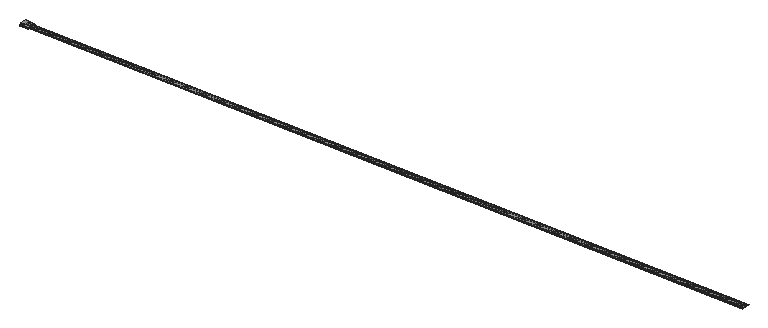
Revit family "Bandschelle - MBS 120", category Generic Models, Revit 2017 (continued)
Forms (mm)
  Extrusion 108, void
    sketch origin (505, 0, 0) x (1, 0, 0) y (0, 1, 0)
      loop
        arc (15.447, 3.123) -> (16.756, 1.814) -> (18.065, 3.123) r 1.309
        line (18.065, 3.123) -> (18.065, 8.688)
        arc (18.065, 8.688) -> (16.756, 9.997) -> (15.447, 8.688) r 1.309
        line (15.447, 8.688) -> (15.447, 3.123)
    from 0 to 0.28
  Extrusion 109, void
    sketch origin (510, 0, 0) x (1, 0, 0) y (0, 1, 0)
      loop
        arc (15.447, 3.123) -> (16.756, 1.814) -> (18.065, 3.123) r 1.309
        line (18.065, 3.123) -> (18.065, 8.688)
        arc (18.065, 8.688) -> (16.756, 9.997) -> (15.447, 8.688) r 1.309
        line (15.447, 8.688) -> (15.447, 3.123)
    from 0 to 0.28
  Extrusion 110, void
    sketch origin (515, 0, 0) x (1, 0, 0) y (0, 1, 0)
      loop
        arc (15.447, 3.123) -> (16.756, 1.814) -> (18.065, 3.123) r 1.309
        line (18.065, 3.123) -> (18.065, 8.688)
        arc (18.065, 8.688) -> (16.756, 9.997) -> (15.447, 8.688) r 1.309
        line (15.447, 8.688) -> (15.447, 3.123)
    from 0 to 0.28
  Extrusion 111, void
    sketch origin (520, 0, 0) x (1, 0, 0) y (0, 1, 0)
      loop
        arc (15.447, 3.123) -> (16.756, 1.814) -> (18.065, 3.123) r 1.309
        line (18.065, 3.123) -> (18.065, 8.688)
        arc (18.065, 8.688) -> (16.756, 9.997) -> (15.447, 8.688) r 1.309
        line (15.447, 8.688) -> (15.447, 3.123)
    from 0 to 0.28
  Extrusion 112, void
    sketch origin (525, 0, 0) x (1, 0, 0) y (0, 1, 0)
      loop
        arc (15.447, 3.123) -> (16.756, 1.814) -> (18.065, 3.123) r 1.309
        line (18.065, 3.123) -> (18.065, 8.688)
        arc (18.065, 8.688) -> (16.756, 9.997) -> (15.447, 8.688) r 1.309
        line (15.447, 8.688) -> (15.447, 3.123)
    from 0 to 0.28
  Extrusion 113, void
    sketch origin (530, 0, 0) x (1, 0, 0) y (0, 1, 0)
      loop
        arc (15.447, 3.123) -> (16.756, 1.814) -> (18.065, 3.123) r 1.309
        line (18.065, 3.123) -> (18.065, 8.688)
        arc (18.065, 8.688) -> (16.756, 9.997) -> (15.447, 8.688) r 1.309
        line (15.447, 8.688) -> (15.447, 3.123)
    from 0 to 0.28
  Extrusion 114, void
    sketch origin (535, 0, 0) x (1, 0, 0) y (0, 1, 0)
      loop
        arc (15.447, 3.123) -> (16.756, 1.814) -> (18.065, 3.123) r 1.309
        line (18.065, 3.123) -> (18.065, 8.688)
        arc (18.065, 8.688) -> (16.756, 9.997) -> (15.447, 8.688) r 1.309
        line (15.447, 8.688) -> (15.447, 3.123)
    from 0 to 0.28
  Extrusion 115, void
    sketch origin (540, 0, 0) x (1, 0, 0) y (0, 1, 0)
      loop
        arc (15.447, 3.123) -> (16.756, 1.814) -> (18.065, 3.123) r 1.309
        line (18.065, 3.123) -> (18.065, 8.688)
        arc (18.065, 8.688) -> (16.756, 9.997) -> (15.447, 8.688) r 1.309
        line (15.447, 8.688) -> (15.447, 3.123)
    from 0 to 0.28
  Extrusion 116, void
    sketch origin (545, 0, 0) x (1, 0, 0) y (0, 1, 0)
      loop
        arc (15.447, 3.123) -> (16.756, 1.814) -> (18.065, 3.123) r 1.309
        line (18.065, 3.123) -> (18.065, 8.688)
        arc (18.065, 8.688) -> (16.756, 9.997) -> (15.447, 8.688) r 1.309
        line (15.447, 8.688) -> (15.447, 3.123)
    from 0 to 0.28
  Extrusion 117, void
    sketch origin (550, 0, 0) x (1, 0, 0) y (0, 1, 0)
      loop
        arc (15.447, 3.123) -> (16.756, 1.814) -> (18.065, 3.123) r 1.309
        line (18.065, 3.123) -> (18.065, 8.688)
        arc (18.065, 8.688) -> (16.756, 9.997) -> (15.447, 8.688) r 1.309
        line (15.447, 8.688) -> (15.447, 3.123)
    from 0 to 0.28
  Extrusion 118, void
    sketch origin (555, 0, 0) x (1, 0, 0) y (0, 1, 0)
      loop
        arc (15.447, 3.123) -> (16.756, 1.814) -> (18.065, 3.123) r 1.309
        line (18.065, 3.123) -> (18.065, 8.688)
        arc (18.065, 8.688) -> (16.756, 9.997) -> (15.447, 8.688) r 1.309
        line (15.447, 8.688) -> (15.447, 3.123)
    from 0 to 0.28
  Extrusion 119, void
    sketch origin (560, 0, 0) x (1, 0, 0) y (0, 1, 0)
      loop
        arc (15.447, 3.123) -> (16.756, 1.814) -> (18.065, 3.123) r 1.309
        line (18.065, 3.123) -> (18.065, 8.688)
        arc (18.065, 8.688) -> (16.756, 9.997) -> (15.447, 8.688) r 1.309
        line (15.447, 8.688) -> (15.447, 3.123)
    from 0 to 0.28
  Extrusion 120, void
    sketch origin (565, 0, 0) x (1, 0, 0) y (0, 1, 0)
      loop
        arc (15.447, 3.123) -> (16.756, 1.814) -> (18.065, 3.123) r 1.309
        line (18.065, 3.123) -> (18.065, 8.688)
        arc (18.065, 8.688) -> (16.756, 9.997) -> (15.447, 8.688) r 1.309
        line (15.447, 8.688) -> (15.447, 3.123)
    from 0 to 0.28
  Extrusion 121, void
    sketch origin (570, 0, 0) x (1, 0, 0) y (0, 1, 0)
      loop
        arc (15.447, 3.123) -> (16.756, 1.814) -> (18.065, 3.123) r 1.309
        line (18.065, 3.123) -> (18.065, 8.688)
        arc (18.065, 8.688) -> (16.756, 9.997) -> (15.447, 8.688) r 1.309
        line (15.447, 8.688) -> (15.447, 3.123)
    from 0 to 0.28
  Extrusion 122, void
    sketch origin (575, 0, 0) x (1, 0, 0) y (0, 1, 0)
      loop
        arc (15.447, 3.123) -> (16.756, 1.814) -> (18.065, 3.123) r 1.309
        line (18.065, 3.123) -> (18.065, 8.688)
        arc (18.065, 8.688) -> (16.756, 9.997) -> (15.447, 8.688) r 1.309
        line (15.447, 8.688) -> (15.447, 3.123)
    from 0 to 0.28
  Extrusion 123, void
    sketch origin (580, 0, 0) x (1, 0, 0) y (0, 1, 0)
      loop
        arc (15.447, 3.123) -> (16.756, 1.814) -> (18.065, 3.123) r 1.309
        line (18.065, 3.123) -> (18.065, 8.688)
        arc (18.065, 8.688) -> (16.756, 9.997) -> (15.447, 8.688) r 1.309
        line (15.447, 8.688) -> (15.447, 3.123)
    from 0 to 0.28
  Extrusion 124, void
    sketch origin (585, 0, 0) x (1, 0, 0) y (0, 1, 0)
      loop
        arc (15.447, 3.123) -> (16.756, 1.814) -> (18.065, 3.123) r 1.309
        line (18.065, 3.123) -> (18.065, 8.688)
        arc (18.065, 8.688) -> (16.756, 9.997) -> (15.447, 8.688) r 1.309
        line (15.447, 8.688) -> (15.447, 3.123)
    from 0 to 0.28
  Extrusion 125, void
    sketch origin (590, 0, 0) x (1, 0, 0) y (0, 1, 0)
      loop
        arc (15.447, 3.123) -> (16.756, 1.814) -> (18.065, 3.123) r 1.309
        line (18.065, 3.123) -> (18.065, 8.688)
        arc (18.065, 8.688) -> (16.756, 9.997) -> (15.447, 8.688) r 1.309
        line (15.447, 8.688) -> (15.447, 3.123)
    from 0 to 0.28
  Extrusion 126, void
    sketch origin (595, 0, 0) x (1, 0, 0) y (0, 1, 0)
      loop
        arc (15.447, 3.123) -> (16.756, 1.814) -> (18.065, 3.123) r 1.309
        line (18.065, 3.123) -> (18.065, 8.688)
        arc (18.065, 8.688) -> (16.756, 9.997) -> (15.447, 8.688) r 1.309
        line (15.447, 8.688) -> (15.447, 3.123)
    from 0 to 0.28
  Extrusion 127, void
    sketch origin (600, 0, 0) x (1, 0, 0) y (0, 1, 0)
      loop
        arc (15.447, 3.123) -> (16.756, 1.814) -> (18.065, 3.123) r 1.309
        line (18.065, 3.123) -> (18.065, 8.688)
        arc (18.065, 8.688) -> (16.756, 9.997) -> (15.447, 8.688) r 1.309
        line (15.447, 8.688) -> (15.447, 3.123)
    from 0 to 0.28
  Extrusion 128, void
    sketch origin (605, 0, 0) x (1, 0, 0) y (0, 1, 0)
      loop
        arc (15.447, 3.123) -> (16.756, 1.814) -> (18.065, 3.123) r 1.309
        line (18.065, 3.123) -> (18.065, 8.688)
        arc (18.065, 8.688) -> (16.756, 9.997) -> (15.447, 8.688) r 1.309
        line (15.447, 8.688) -> (15.447, 3.123)
    from 0 to 0.28
  Extrusion 129, void
    sketch origin (610, 0, 0) x (1, 0, 0) y (0, 1, 0)
      loop
        arc (15.447, 3.123) -> (16.756, 1.814) -> (18.065, 3.123) r 1.309
        line (18.065, 3.123) -> (18.065, 8.688)
        arc (18.065, 8.688) -> (16.756, 9.997) -> (15.447, 8.688) r 1.309
        line (15.447, 8.688) -> (15.447, 3.123)
    from 0 to 0.28
  Extrusion 130, void
    sketch origin (615, 0, 0) x (1, 0, 0) y (0, 1, 0)
      loop
        arc (15.447, 3.123) -> (16.756, 1.814) -> (18.065, 3.123) r 1.309
        line (18.065, 3.123) -> (18.065, 8.688)
        arc (18.065, 8.688) -> (16.756, 9.997) -> (15.447, 8.688) r 1.309
        line (15.447, 8.688) -> (15.447, 3.123)
    from 0 to 0.28
  Extrusion 131, void
    sketch origin (620, 0, 0) x (1, 0, 0) y (0, 1, 0)
      loop
        arc (15.447, 3.123) -> (16.756, 1.814) -> (18.065, 3.123) r 1.309
        line (18.065, 3.123) -> (18.065, 8.688)
        arc (18.065, 8.688) -> (16.756, 9.997) -> (15.447, 8.688) r 1.309
        line (15.447, 8.688) -> (15.447, 3.123)
    from 0 to 0.28
  Extrusion 132, void
    sketch origin (625, 0, 0) x (1, 0, 0) y (0, 1, 0)
      loop
        arc (15.447, 3.123) -> (16.756, 1.814) -> (18.065, 3.123) r 1.309
        line (18.065, 3.123) -> (18.065, 8.688)
        arc (18.065, 8.688) -> (16.756, 9.997) -> (15.447, 8.688) r 1.309
        line (15.447, 8.688) -> (15.447, 3.123)
    from 0 to 0.28
  Extrusion 133, void
    sketch origin (630, 0, 0) x (1, 0, 0) y (0, 1, 0)
      loop
        arc (15.447, 3.123) -> (16.756, 1.814) -> (18.065, 3.123) r 1.309
        line (18.065, 3.123) -> (18.065, 8.688)
        arc (18.065, 8.688) -> (16.756, 9.997) -> (15.447, 8.688) r 1.309
        line (15.447, 8.688) -> (15.447, 3.123)
    from 0 to 0.28
  Extrusion 134, void
    sketch origin (635, 0, 0) x (1, 0, 0) y (0, 1, 0)
      loop
        arc (15.447, 3.123) -> (16.756, 1.814) -> (18.065, 3.123) r 1.309
        line (18.065, 3.123) -> (18.065, 8.688)
        arc (18.065, 8.688) -> (16.756, 9.997) -> (15.447, 8.688) r 1.309
        line (15.447, 8.688) -> (15.447, 3.123)
    from 0 to 0.28
  Extrusion 135, void
    sketch origin (640, 0, 0) x (1, 0, 0) y (0, 1, 0)
      loop
        arc (15.447, 3.123) -> (16.756, 1.814) -> (18.065, 3.123) r 1.309
        line (18.065, 3.123) -> (18.065, 8.688)
        arc (18.065, 8.688) -> (16.756, 9.997) -> (15.447, 8.688) r 1.309
        line (15.447, 8.688) -> (15.447, 3.123)
    from 0 to 0.28
  Extrusion 136, void
    sketch origin (645, 0, 0) x (1, 0, 0) y (0, 1, 0)
      loop
        arc (15.447, 3.123) -> (16.756, 1.814) -> (18.065, 3.123) r 1.309
        line (18.065, 3.123) -> (18.065, 8.688)
        arc (18.065, 8.688) -> (16.756, 9.997) -> (15.447, 8.688) r 1.309
        line (15.447, 8.688) -> (15.447, 3.123)
    from 0 to 0.28
  Extrusion 137, void
    sketch origin (650, 0, 0) x (1, 0, 0) y (0, 1, 0)
      loop
        arc (15.447, 3.123) -> (16.756, 1.814) -> (18.065, 3.123) r 1.309
        line (18.065, 3.123) -> (18.065, 8.688)
        arc (18.065, 8.688) -> (16.756, 9.997) -> (15.447, 8.688) r 1.309
        line (15.447, 8.688) -> (15.447, 3.123)
    from 0 to 0.28
  Extrusion 138, void
    sketch origin (655, 0, 0) x (1, 0, 0) y (0, 1, 0)
      loop
        arc (15.447, 3.123) -> (16.756, 1.814) -> (18.065, 3.123) r 1.309
        line (18.065, 3.123) -> (18.065, 8.688)
        arc (18.065, 8.688) -> (16.756, 9.997) -> (15.447, 8.688) r 1.309
        line (15.447, 8.688) -> (15.447, 3.123)
    from 0 to 0.28
  Extrusion 139, void
    sketch origin (660, 0, 0) x (1, 0, 0) y (0, 1, 0)
      loop
        arc (15.447, 3.123) -> (16.756, 1.814) -> (18.065, 3.123) r 1.309
        line (18.065, 3.123) -> (18.065, 8.688)
        arc (18.065, 8.688) -> (16.756, 9.997) -> (15.447, 8.688) r 1.309
        line (15.447, 8.688) -> (15.447, 3.123)
    from 0 to 0.28
  Extrusion 140, void
    sketch origin (665, 0, 0) x (1, 0, 0) y (0, 1, 0)
      loop
        arc (15.447, 3.123) -> (16.756, 1.814) -> (18.065, 3.123) r 1.309
        line (18.065, 3.123) -> (18.065, 8.688)
        arc (18.065, 8.688) -> (16.756, 9.997) -> (15.447, 8.688) r 1.309
        line (15.447, 8.688) -> (15.447, 3.123)
    from 0 to 0.28
  Extrusion 141, void
    sketch origin (670, 0, 0) x (1, 0, 0) y (0, 1, 0)
      loop
        arc (15.447, 3.123) -> (16.756, 1.814) -> (18.065, 3.123) r 1.309
        line (18.065, 3.123) -> (18.065, 8.688)
        arc (18.065, 8.688) -> (16.756, 9.997) -> (15.447, 8.688) r 1.309
        line (15.447, 8.688) -> (15.447, 3.123)
    from 0 to 0.28
  Extrusion 142, void
    sketch origin (675, 0, 0) x (1, 0, 0) y (0, 1, 0)
      loop
        arc (15.447, 3.123) -> (16.756, 1.814) -> (18.065, 3.123) r 1.309
        line (18.065, 3.123) -> (18.065, 8.688)
        arc (18.065, 8.688) -> (16.756, 9.997) -> (15.447, 8.688) r 1.309
        line (15.447, 8.688) -> (15.447, 3.123)
    from 0 to 0.28
  Extrusion 143, void
    sketch origin (680, 0, 0) x (1, 0, 0) y (0, 1, 0)
      loop
        arc (15.447, 3.123) -> (16.756, 1.814) -> (18.065, 3.123) r 1.309
        line (18.065, 3.123) -> (18.065, 8.688)
        arc (18.065, 8.688) -> (16.756, 9.997) -> (15.447, 8.688) r 1.309
        line (15.447, 8.688) -> (15.447, 3.123)
    from 0 to 0.28
  Extrusion 144, void
    sketch origin (685, 0, 0) x (1, 0, 0) y (0, 1, 0)
      loop
        arc (15.447, 3.123) -> (16.756, 1.814) -> (18.065, 3.123) r 1.309
        line (18.065, 3.123) -> (18.065, 8.688)
        arc (18.065, 8.688) -> (16.756, 9.997) -> (15.447, 8.688) r 1.309
        line (15.447, 8.688) -> (15.447, 3.123)
    from 0 to 0.28
  Extrusion 145, void
    sketch origin (690, 0, 0) x (1, 0, 0) y (0, 1, 0)
      loop
        arc (15.447, 3.123) -> (16.756, 1.814) -> (18.065, 3.123) r 1.309
        line (18.065, 3.123) -> (18.065, 8.688)
        arc (18.065, 8.688) -> (16.756, 9.997) -> (15.447, 8.688) r 1.309
        line (15.447, 8.688) -> (15.447, 3.123)
    from 0 to 0.28
  Extrusion 146, void
    sketch origin (695, 0, 0) x (1, 0, 0) y (0, 1, 0)
      loop
        arc (15.447, 3.123) -> (16.756, 1.814) -> (18.065, 3.123) r 1.309
        line (18.065, 3.123) -> (18.065, 8.688)
        arc (18.065, 8.688) -> (16.756, 9.997) -> (15.447, 8.688) r 1.309
        line (15.447, 8.688) -> (15.447, 3.123)
    from 0 to 0.28
  Extrusion 147, void
    sketch origin (700, 0, 0) x (1, 0, 0) y (0, 1, 0)
      loop
        arc (15.447, 3.123) -> (16.756, 1.814) -> (18.065, 3.123) r 1.309
        line (18.065, 3.123) -> (18.065, 8.688)
        arc (18.065, 8.688) -> (16.756, 9.997) -> (15.447, 8.688) r 1.309
        line (15.447, 8.688) -> (15.447, 3.123)
    from 0 to 0.28
  Extrusion 148, void
    sketch origin (705, 0, 0) x (1, 0, 0) y (0, 1, 0)
      loop
        arc (15.447, 3.123) -> (16.756, 1.814) -> (18.065, 3.123) r 1.309
        line (18.065, 3.123) -> (18.065, 8.688)
        arc (18.065, 8.688) -> (16.756, 9.997) -> (15.447, 8.688) r 1.309
        line (15.447, 8.688) -> (15.447, 3.123)
    from 0 to 0.28
  Extrusion 149, void
    sketch origin (710, 0, 0) x (1, 0, 0) y (0, 1, 0)
      loop
        arc (15.447, 3.123) -> (16.756, 1.814) -> (18.065, 3.123) r 1.309
        line (18.065, 3.123) -> (18.065, 8.688)
        arc (18.065, 8.688) -> (16.756, 9.997) -> (15.447, 8.688) r 1.309
        line (15.447, 8.688) -> (15.447, 3.123)
    from 0 to 0.28
  Extrusion 150, void
    sketch origin (715, 0, 0) x (1, 0, 0) y (0, 1, 0)
      loop
        arc (15.447, 3.123) -> (16.756, 1.814) -> (18.065, 3.123) r 1.309
        line (18.065, 3.123) -> (18.065, 8.688)
        arc (18.065, 8.688) -> (16.756, 9.997) -> (15.447, 8.688) r 1.309
        line (15.447, 8.688) -> (15.447, 3.123)
    from 0 to 0.28
  Extrusion 151, void
    sketch origin (720, 0, 0) x (1, 0, 0) y (0, 1, 0)
      loop
        arc (15.447, 3.123) -> (16.756, 1.814) -> (18.065, 3.123) r 1.309
        line (18.065, 3.123) -> (18.065, 8.688)
        arc (18.065, 8.688) -> (16.756, 9.997) -> (15.447, 8.688) r 1.309
        line (15.447, 8.688) -> (15.447, 3.123)
    from 0 to 0.28
  Extrusion 152, void
    sketch origin (725, 0, 0) x (1, 0, 0) y (0, 1, 0)
      loop
        arc (15.447, 3.123) -> (16.756, 1.814) -> (18.065, 3.123) r 1.309
        line (18.065, 3.123) -> (18.065, 8.688)
        arc (18.065, 8.688) -> (16.756, 9.997) -> (15.447, 8.688) r 1.309
        line (15.447, 8.688) -> (15.447, 3.123)
    from 0 to 0.28
  Extrusion 153, void
    sketch origin (730, 0, 0) x (1, 0, 0) y (0, 1, 0)
      loop
        arc (15.447, 3.123) -> (16.756, 1.814) -> (18.065, 3.123) r 1.309
        line (18.065, 3.123) -> (18.065, 8.688)
        arc (18.065, 8.688) -> (16.756, 9.997) -> (15.447, 8.688) r 1.309
        line (15.447, 8.688) -> (15.447, 3.123)
    from 0 to 0.28
  Extrusion 154, void
    sketch origin (735, 0, 0) x (1, 0, 0) y (0, 1, 0)
      loop
        arc (15.447, 3.123) -> (16.756, 1.814) -> (18.065, 3.123) r 1.309
        line (18.065, 3.123) -> (18.065, 8.688)
        arc (18.065, 8.688) -> (16.756, 9.997) -> (15.447, 8.688) r 1.309
        line (15.447, 8.688) -> (15.447, 3.123)
    from 0 to 0.28
  Extrusion 155, void
    sketch origin (740, 0, 0) x (1, 0, 0) y (0, 1, 0)
      loop
        arc (15.447, 3.123) -> (16.756, 1.814) -> (18.065, 3.123) r 1.309
        line (18.065, 3.123) -> (18.065, 8.688)
        arc (18.065, 8.688) -> (16.756, 9.997) -> (15.447, 8.688) r 1.309
        line (15.447, 8.688) -> (15.447, 3.123)
    from 0 to 0.28
  Extrusion 156, void
    sketch origin (745, 0, 0) x (1, 0, 0) y (0, 1, 0)
      loop
        arc (15.447, 3.123) -> (16.756, 1.814) -> (18.065, 3.123) r 1.309
        line (18.065, 3.123) -> (18.065, 8.688)
        arc (18.065, 8.688) -> (16.756, 9.997) -> (15.447, 8.688) r 1.309
        line (15.447, 8.688) -> (15.447, 3.123)
    from 0 to 0.28
  Extrusion 157, void
    sketch origin (750, 0, 0) x (1, 0, 0) y (0, 1, 0)
      loop
        arc (15.447, 3.123) -> (16.756, 1.814) -> (18.065, 3.123) r 1.309
        line (18.065, 3.123) -> (18.065, 8.688)
        arc (18.065, 8.688) -> (16.756, 9.997) -> (15.447, 8.688) r 1.309
        line (15.447, 8.688) -> (15.447, 3.123)
    from 0 to 0.28
  Extrusion 158, void
    sketch origin (755, 0, 0) x (1, 0, 0) y (0, 1, 0)
      loop
        arc (15.447, 3.123) -> (16.756, 1.814) -> (18.065, 3.123) r 1.309
        line (18.065, 3.123) -> (18.065, 8.688)
        arc (18.065, 8.688) -> (16.756, 9.997) -> (15.447, 8.688) r 1.309
        line (15.447, 8.688) -> (15.447, 3.123)
    from 0 to 0.28
  Extrusion 159, void
    sketch origin (760, 0, 0) x (1, 0, 0) y (0, 1, 0)
      loop
        arc (15.447, 3.123) -> (16.756, 1.814) -> (18.065, 3.123) r 1.309
        line (18.065, 3.123) -> (18.065, 8.688)
        arc (18.065, 8.688) -> (16.756, 9.997) -> (15.447, 8.688) r 1.309
        line (15.447, 8.688) -> (15.447, 3.123)
    from 0 to 0.28
  Extrusion 160, void
    sketch origin (765, 0, 0) x (1, 0, 0) y (0, 1, 0)
      loop
        arc (15.447, 3.123) -> (16.756, 1.814) -> (18.065, 3.123) r 1.309
        line (18.065, 3.123) -> (18.065, 8.688)
        arc (18.065, 8.688) -> (16.756, 9.997) -> (15.447, 8.688) r 1.309
        line (15.447, 8.688) -> (15.447, 3.123)
    from 0 to 0.28
  Extrusion 161, void
    sketch origin (770, 0, 0) x (1, 0, 0) y (0, 1, 0)
      loop
        arc (15.447, 3.123) -> (16.756, 1.814) -> (18.065, 3.123) r 1.309
        line (18.065, 3.123) -> (18.065, 8.688)
        arc (18.065, 8.688) -> (16.756, 9.997) -> (15.447, 8.688) r 1.309
        line (15.447, 8.688) -> (15.447, 3.123)
    from 0 to 0.28
  Extrusion 162, void
    sketch origin (775, 0, 0) x (1, 0, 0) y (0, 1, 0)
      loop
        arc (15.447, 3.123) -> (16.756, 1.814) -> (18.065, 3.123) r 1.309
        line (18.065, 3.123) -> (18.065, 8.688)
        arc (18.065, 8.688) -> (16.756, 9.997) -> (15.447, 8.688) r 1.309
        line (15.447, 8.688) -> (15.447, 3.123)
    from 0 to 0.28
  Extrusion 163, void
    sketch origin (780, 0, 0) x (1, 0, 0) y (0, 1, 0)
      loop
        arc (15.447, 3.123) -> (16.756, 1.814) -> (18.065, 3.123) r 1.309
        line (18.065, 3.123) -> (18.065, 8.688)
        arc (18.065, 8.688) -> (16.756, 9.997) -> (15.447, 8.688) r 1.309
        line (15.447, 8.688) -> (15.447, 3.123)
    from 0 to 0.28
  Extrusion 164, void
    sketch origin (785, 0, 0) x (1, 0, 0) y (0, 1, 0)
      loop
        arc (15.447, 3.123) -> (16.756, 1.814) -> (18.065, 3.123) r 1.309
        line (18.065, 3.123) -> (18.065, 8.688)
        arc (18.065, 8.688) -> (16.756, 9.997) -> (15.447, 8.688) r 1.309
        line (15.447, 8.688) -> (15.447, 3.123)
    from 0 to 0.28
  Extrusion 165, void
    sketch origin (790, 0, 0) x (1, 0, 0) y (0, 1, 0)
      loop
        arc (15.447, 3.123) -> (16.756, 1.814) -> (18.065, 3.123) r 1.309
        line (18.065, 3.123) -> (18.065, 8.688)
        arc (18.065, 8.688) -> (16.756, 9.997) -> (15.447, 8.688) r 1.309
        line (15.447, 8.688) -> (15.447, 3.123)
    from 0 to 0.28
  Extrusion 166, void
    sketch origin (795, 0, 0) x (1, 0, 0) y (0, 1, 0)
      loop
        arc (15.447, 3.123) -> (16.756, 1.814) -> (18.065, 3.123) r 1.309
        line (18.065, 3.123) -> (18.065, 8.688)
        arc (18.065, 8.688) -> (16.756, 9.997) -> (15.447, 8.688) r 1.309
        line (15.447, 8.688) -> (15.447, 3.123)
    from 0 to 0.28
  Extrusion 167, void
    sketch origin (800, 0, 0) x (1, 0, 0) y (0, 1, 0)
      loop
        arc (15.447, 3.123) -> (16.756, 1.814) -> (18.065, 3.123) r 1.309
        line (18.065, 3.123) -> (18.065, 8.688)
        arc (18.065, 8.688) -> (16.756, 9.997) -> (15.447, 8.688) r 1.309
        line (15.447, 8.688) -> (15.447, 3.123)
    from 0 to 0.28
  Extrusion 168, void
    sketch origin (805, 0, 0) x (1, 0, 0) y (0, 1, 0)
      loop
        arc (15.447, 3.123) -> (16.756, 1.814) -> (18.065, 3.123) r 1.309
        line (18.065, 3.123) -> (18.065, 8.688)
        arc (18.065, 8.688) -> (16.756, 9.997) -> (15.447, 8.688) r 1.309
        line (15.447, 8.688) -> (15.447, 3.123)
    from 0 to 0.28
  Extrusion 169, void
    sketch origin (810, 0, 0) x (1, 0, 0) y (0, 1, 0)
      loop
        arc (15.447, 3.123) -> (16.756, 1.814) -> (18.065, 3.123) r 1.309
        line (18.065, 3.123) -> (18.065, 8.688)
        arc (18.065, 8.688) -> (16.756, 9.997) -> (15.447, 8.688) r 1.309
        line (15.447, 8.688) -> (15.447, 3.123)
    from 0 to 0.28
  Extrusion 170, void
    sketch origin (815, 0, 0) x (1, 0, 0) y (0, 1, 0)
      loop
        arc (15.447, 3.123) -> (16.756, 1.814) -> (18.065, 3.123) r 1.309
        line (18.065, 3.123) -> (18.065, 8.688)
        arc (18.065, 8.688) -> (16.756, 9.997) -> (15.447, 8.688) r 1.309
        line (15.447, 8.688) -> (15.447, 3.123)
    from 0 to 0.28
  Extrusion 171, void
    sketch origin (820, 0, 0) x (1, 0, 0) y (0, 1, 0)
      loop
        arc (15.447, 3.123) -> (16.756, 1.814) -> (18.065, 3.123) r 1.309
        line (18.065, 3.123) -> (18.065, 8.688)
        arc (18.065, 8.688) -> (16.756, 9.997) -> (15.447, 8.688) r 1.309
        line (15.447, 8.688) -> (15.447, 3.123)
    from 0 to 0.28
  Extrusion 172, void
    sketch origin (825, 0, 0) x (1, 0, 0) y (0, 1, 0)
      loop
        arc (15.447, 3.123) -> (16.756, 1.814) -> (18.065, 3.123) r 1.309
        line (18.065, 3.123) -> (18.065, 8.688)
        arc (18.065, 8.688) -> (16.756, 9.997) -> (15.447, 8.688) r 1.309
        line (15.447, 8.688) -> (15.447, 3.123)
    from 0 to 0.28
  Extrusion 173, void
    sketch origin (830, 0, 0) x (1, 0, 0) y (0, 1, 0)
      loop
        arc (15.447, 3.123) -> (16.756, 1.814) -> (18.065, 3.123) r 1.309
        line (18.065, 3.123) -> (18.065, 8.688)
        arc (18.065, 8.688) -> (16.756, 9.997) -> (15.447, 8.688) r 1.309
        line (15.447, 8.688) -> (15.447, 3.123)
    from 0 to 0.28
  Extrusion 174, void
    sketch origin (835, 0, 0) x (1, 0, 0) y (0, 1, 0)
      loop
        arc (15.447, 3.123) -> (16.756, 1.814) -> (18.065, 3.123) r 1.309
        line (18.065, 3.123) -> (18.065, 8.688)
        arc (18.065, 8.688) -> (16.756, 9.997) -> (15.447, 8.688) r 1.309
        line (15.447, 8.688) -> (15.447, 3.123)
    from 0 to 0.28
  Extrusion 175, void
    sketch origin (840, 0, 0) x (1, 0, 0) y (0, 1, 0)
      loop
        arc (15.447, 3.123) -> (16.756, 1.814) -> (18.065, 3.123) r 1.309
        line (18.065, 3.123) -> (18.065, 8.688)
        arc (18.065, 8.688) -> (16.756, 9.997) -> (15.447, 8.688) r 1.309
        line (15.447, 8.688) -> (15.447, 3.123)
    from 0 to 0.28
  Extrusion 176, void
    sketch origin (845, 0, 0) x (1, 0, 0) y (0, 1, 0)
      loop
        arc (15.447, 3.123) -> (16.756, 1.814) -> (18.065, 3.123) r 1.309
        line (18.065, 3.123) -> (18.065, 8.688)
        arc (18.065, 8.688) -> (16.756, 9.997) -> (15.447, 8.688) r 1.309
        line (15.447, 8.688) -> (15.447, 3.123)
    from 0 to 0.28
  Extrusion 177, void
    sketch origin (850, 0, 0) x (1, 0, 0) y (0, 1, 0)
      loop
        arc (15.447, 3.123) -> (16.756, 1.814) -> (18.065, 3.123) r 1.309
        line (18.065, 3.123) -> (18.065, 8.688)
        arc (18.065, 8.688) -> (16.756, 9.997) -> (15.447, 8.688) r 1.309
        line (15.447, 8.688) -> (15.447, 3.123)
    from 0 to 0.28
  Extrusion 178, void
    sketch origin (855, 0, 0) x (1, 0, 0) y (0, 1, 0)
      loop
        arc (15.447, 3.123) -> (16.756, 1.814) -> (18.065, 3.123) r 1.309
        line (18.065, 3.123) -> (18.065, 8.688)
        arc (18.065, 8.688) -> (16.756, 9.997) -> (15.447, 8.688) r 1.309
        line (15.447, 8.688) -> (15.447, 3.123)
    from 0 to 0.28
  Extrusion 179, void
    sketch origin (860, 0, 0) x (1, 0, 0) y (0, 1, 0)
      loop
        arc (15.447, 3.123) -> (16.756, 1.814) -> (18.065, 3.123) r 1.309
        line (18.065, 3.123) -> (18.065, 8.688)
        arc (18.065, 8.688) -> (16.756, 9.997) -> (15.447, 8.688) r 1.309
        line (15.447, 8.688) -> (15.447, 3.123)
    from 0 to 0.28
  Extrusion 180, void
    sketch origin (865, 0, 0) x (1, 0, 0) y (0, 1, 0)
      loop
        arc (15.447, 3.123) -> (16.756, 1.814) -> (18.065, 3.123) r 1.309
        line (18.065, 3.123) -> (18.065, 8.688)
        arc (18.065, 8.688) -> (16.756, 9.997) -> (15.447, 8.688) r 1.309
        line (15.447, 8.688) -> (15.447, 3.123)
    from 0 to 0.28
  Extrusion 181, void
    sketch origin (870, 0, 0) x (1, 0, 0) y (0, 1, 0)
      loop
        arc (15.447, 3.123) -> (16.756, 1.814) -> (18.065, 3.123) r 1.309
        line (18.065, 3.123) -> (18.065, 8.688)
        arc (18.065, 8.688) -> (16.756, 9.997) -> (15.447, 8.688) r 1.309
        line (15.447, 8.688) -> (15.447, 3.123)
    from 0 to 0.28
  Extrusion 182, void
    sketch origin (875, 0, 0) x (1, 0, 0) y (0, 1, 0)
      loop
        arc (15.447, 3.123) -> (16.756, 1.814) -> (18.065, 3.123) r 1.309
        line (18.065, 3.123) -> (18.065, 8.688)
        arc (18.065, 8.688) -> (16.756, 9.997) -> (15.447, 8.688) r 1.309
        line (15.447, 8.688) -> (15.447, 3.123)
    from 0 to 0.28
  Extrusion 183, void
    sketch origin (880, 0, 0) x (1, 0, 0) y (0, 1, 0)
      loop
        arc (15.447, 3.123) -> (16.756, 1.814) -> (18.065, 3.123) r 1.309
        line (18.065, 3.123) -> (18.065, 8.688)
        arc (18.065, 8.688) -> (16.756, 9.997) -> (15.447, 8.688) r 1.309
        line (15.447, 8.688) -> (15.447, 3.123)
    from 0 to 0.28
  Extrusion 184, void
    sketch origin (885, 0, 0) x (1, 0, 0) y (0, 1, 0)
      loop
        arc (15.447, 3.123) -> (16.756, 1.814) -> (18.065, 3.123) r 1.309
        line (18.065, 3.123) -> (18.065, 8.688)
        arc (18.065, 8.688) -> (16.756, 9.997) -> (15.447, 8.688) r 1.309
        line (15.447, 8.688) -> (15.447, 3.123)
    from 0 to 0.28
  Extrusion 185, void
    sketch origin (890, 0, 0) x (1, 0, 0) y (0, 1, 0)
      loop
        arc (15.447, 3.123) -> (16.756, 1.814) -> (18.065, 3.123) r 1.309
        line (18.065, 3.123) -> (18.065, 8.688)
        arc (18.065, 8.688) -> (16.756, 9.997) -> (15.447, 8.688) r 1.309
        line (15.447, 8.688) -> (15.447, 3.123)
    from 0 to 0.28
  Extrusion 186, void
    sketch origin (895, 0, 0) x (1, 0, 0) y (0, 1, 0)
      loop
        arc (15.447, 3.123) -> (16.756, 1.814) -> (18.065, 3.123) r 1.309
        line (18.065, 3.123) -> (18.065, 8.688)
        arc (18.065, 8.688) -> (16.756, 9.997) -> (15.447, 8.688) r 1.309
        line (15.447, 8.688) -> (15.447, 3.123)
    from 0 to 0.28
  Extrusion 187, void
    sketch origin (900, 0, 0) x (1, 0, 0) y (0, 1, 0)
      loop
        arc (15.447, 3.123) -> (16.756, 1.814) -> (18.065, 3.123) r 1.309
        line (18.065, 3.123) -> (18.065, 8.688)
        arc (18.065, 8.688) -> (16.756, 9.997) -> (15.447, 8.688) r 1.309
        line (15.447, 8.688) -> (15.447, 3.123)
    from 0 to 0.28
  Extrusion 188, void
    sketch origin (905, 0, 0) x (1, 0, 0) y (0, 1, 0)
      loop
        arc (15.447, 3.123) -> (16.756, 1.814) -> (18.065, 3.123) r 1.309
        line (18.065, 3.123) -> (18.065, 8.688)
        arc (18.065, 8.688) -> (16.756, 9.997) -> (15.447, 8.688) r 1.309
        line (15.447, 8.688) -> (15.447, 3.123)
    from 0 to 0.28
  Extrusion 189, void
    sketch origin (910, 0, 0) x (1, 0, 0) y (0, 1, 0)
      loop
        arc (15.447, 3.123) -> (16.756, 1.814) -> (18.065, 3.123) r 1.309
        line (18.065, 3.123) -> (18.065, 8.688)
        arc (18.065, 8.688) -> (16.756, 9.997) -> (15.447, 8.688) r 1.309
        line (15.447, 8.688) -> (15.447, 3.123)
    from 0 to 0.28
  Extrusion 190, void
    sketch origin (915, 0, 0) x (1, 0, 0) y (0, 1, 0)
      loop
        arc (15.447, 3.123) -> (16.756, 1.814) -> (18.065, 3.123) r 1.309
        line (18.065, 3.123) -> (18.065, 8.688)
        arc (18.065, 8.688) -> (16.756, 9.997) -> (15.447, 8.688) r 1.309
        line (15.447, 8.688) -> (15.447, 3.123)
    from 0 to 0.28
  Extrusion 191, void
    sketch origin (920, 0, 0) x (1, 0, 0) y (0, 1, 0)
      loop
        arc (15.447, 3.123) -> (16.756, 1.814) -> (18.065, 3.123) r 1.309
        line (18.065, 3.123) -> (18.065, 8.688)
        arc (18.065, 8.688) -> (16.756, 9.997) -> (15.447, 8.688) r 1.309
        line (15.447, 8.688) -> (15.447, 3.123)
    from 0 to 0.28
  Extrusion 192, void
    sketch origin (925, 0, 0) x (1, 0, 0) y (0, 1, 0)
      loop
        arc (15.447, 3.123) -> (16.756, 1.814) -> (18.065, 3.123) r 1.309
        line (18.065, 3.123) -> (18.065, 8.688)
        arc (18.065, 8.688) -> (16.756, 9.997) -> (15.447, 8.688) r 1.309
        line (15.447, 8.688) -> (15.447, 3.123)
    from 0 to 0.28
  Extrusion 193, void
    sketch origin (930, 0, 0) x (1, 0, 0) y (0, 1, 0)
      loop
        arc (15.447, 3.123) -> (16.756, 1.814) -> (18.065, 3.123) r 1.309
        line (18.065, 3.123) -> (18.065, 8.688)
        arc (18.065, 8.688) -> (16.756, 9.997) -> (15.447, 8.688) r 1.309
        line (15.447, 8.688) -> (15.447, 3.123)
    from 0 to 0.28
  Extrusion 194, void
    sketch origin (935, 0, 0) x (1, 0, 0) y (0, 1, 0)
      loop
        arc (15.447, 3.123) -> (16.756, 1.814) -> (18.065, 3.123) r 1.309
        line (18.065, 3.123) -> (18.065, 8.688)
        arc (18.065, 8.688) -> (16.756, 9.997) -> (15.447, 8.688) r 1.309
        line (15.447, 8.688) -> (15.447, 3.123)
    from 0 to 0.28
  Extrusion 195, void
    sketch origin (940, 0, 0) x (1, 0, 0) y (0, 1, 0)
      loop
        arc (15.447, 3.123) -> (16.756, 1.814) -> (18.065, 3.123) r 1.309
        line (18.065, 3.123) -> (18.065, 8.688)
        arc (18.065, 8.688) -> (16.756, 9.997) -> (15.447, 8.688) r 1.309
        line (15.447, 8.688) -> (15.447, 3.123)
    from 0 to 0.28
  Extrusion 196, void
    sketch origin (945, 0, 0) x (1, 0, 0) y (0, 1, 0)
      loop
        arc (15.447, 3.123) -> (16.756, 1.814) -> (18.065, 3.123) r 1.309
        line (18.065, 3.123) -> (18.065, 8.688)
        arc (18.065, 8.688) -> (16.756, 9.997) -> (15.447, 8.688) r 1.309
        line (15.447, 8.688) -> (15.447, 3.123)
    from 0 to 0.28
  Extrusion 197, void
    sketch origin (950, 0, 0) x (1, 0, 0) y (0, 1, 0)
      loop
        arc (15.447, 3.123) -> (16.756, 1.814) -> (18.065, 3.123) r 1.309
        line (18.065, 3.123) -> (18.065, 8.688)
        arc (18.065, 8.688) -> (16.756, 9.997) -> (15.447, 8.688) r 1.309
        line (15.447, 8.688) -> (15.447, 3.123)
    from 0 to 0.28
  Extrusion 198, void
    sketch origin (955, 0, 0) x (1, 0, 0) y (0, 1, 0)
      loop
        arc (15.447, 3.123) -> (16.756, 1.814) -> (18.065, 3.123) r 1.309
        line (18.065, 3.123) -> (18.065, 8.688)
        arc (18.065, 8.688) -> (16.756, 9.997) -> (15.447, 8.688) r 1.309
        line (15.447, 8.688) -> (15.447, 3.123)
    from 0 to 0.28
  Extrusion 199, void
    sketch origin (960, 0, 0) x (1, 0, 0) y (0, 1, 0)
      loop
        arc (15.447, 3.123) -> (16.756, 1.814) -> (18.065, 3.123) r 1.309
        line (18.065, 3.123) -> (18.065, 8.688)
        arc (18.065, 8.688) -> (16.756, 9.997) -> (15.447, 8.688) r 1.309
        line (15.447, 8.688) -> (15.447, 3.123)
    from 0 to 0.28
  Extrusion 200, void
    sketch origin (965, 0, 0) x (1, 0, 0) y (0, 1, 0)
      loop
        arc (15.447, 3.123) -> (16.756, 1.814) -> (18.065, 3.123) r 1.309
        line (18.065, 3.123) -> (18.065, 8.688)
        arc (18.065, 8.688) -> (16.756, 9.997) -> (15.447, 8.688) r 1.309
        line (15.447, 8.688) -> (15.447, 3.123)
    from 0 to 0.28
  Extrusion 201, void
    sketch origin (970, 0, 0) x (1, 0, 0) y (0, 1, 0)
      loop
        arc (15.447, 3.123) -> (16.756, 1.814) -> (18.065, 3.123) r 1.309
        line (18.065, 3.123) -> (18.065, 8.688)
        arc (18.065, 8.688) -> (16.756, 9.997) -> (15.447, 8.688) r 1.309
        line (15.447, 8.688) -> (15.447, 3.123)
    from 0 to 0.28
  Extrusion 202, void
    sketch origin (975, 0, 0) x (1, 0, 0) y (0, 1, 0)
      loop
        arc (15.447, 3.123) -> (16.756, 1.814) -> (18.065, 3.123) r 1.309
        line (18.065, 3.123) -> (18.065, 8.688)
        arc (18.065, 8.688) -> (16.756, 9.997) -> (15.447, 8.688) r 1.309
        line (15.447, 8.688) -> (15.447, 3.123)
    from 0 to 0.28
  Extrusion 203, void
    sketch origin (980, 0, 0) x (1, 0, 0) y (0, 1, 0)
      loop
        arc (15.447, 3.123) -> (16.756, 1.814) -> (18.065, 3.123) r 1.309
        line (18.065, 3.123) -> (18.065, 8.688)
        arc (18.065, 8.688) -> (16.756, 9.997) -> (15.447, 8.688) r 1.309
        line (15.447, 8.688) -> (15.447, 3.123)
    from 0 to 0.28
  Extrusion 204, void
    sketch origin (985, 0, 0) x (1, 0, 0) y (0, 1, 0)
      loop
        arc (15.447, 3.123) -> (16.756, 1.814) -> (18.065, 3.123) r 1.309
        line (18.065, 3.123) -> (18.065, 8.688)
        arc (18.065, 8.688) -> (16.756, 9.997) -> (15.447, 8.688) r 1.309
        line (15.447, 8.688) -> (15.447, 3.123)
    from 0 to 0.28
  Extrusion 205, void
    sketch origin (990, 0, 0) x (1, 0, 0) y (0, 1, 0)
      loop
        arc (15.447, 3.123) -> (16.756, 1.814) -> (18.065, 3.123) r 1.309
        line (18.065, 3.123) -> (18.065, 8.688)
        arc (18.065, 8.688) -> (16.756, 9.997) -> (15.447, 8.688) r 1.309
        line (15.447, 8.688) -> (15.447, 3.123)
    from 0 to 0.28
  Extrusion 206, void
    sketch origin (995, 0, 0) x (1, 0, 0) y (0, 1, 0)
      loop
        arc (15.447, 3.123) -> (16.756, 1.814) -> (18.065, 3.123) r 1.309
        line (18.065, 3.123) -> (18.065, 8.688)
        arc (18.065, 8.688) -> (16.756, 9.997) -> (15.447, 8.688) r 1.309
        line (15.447, 8.688) -> (15.447, 3.123)
    from 0 to 0.28
  Extrusion 207, void
    sketch origin (1000, 0, 0) x (1, 0, 0) y (0, 1, 0)
      loop
        arc (15.447, 3.123) -> (16.756, 1.814) -> (18.065, 3.123) r 1.309
        line (18.065, 3.123) -> (18.065, 8.688)
        arc (18.065, 8.688) -> (16.756, 9.997) -> (15.447, 8.688) r 1.309
        line (15.447, 8.688) -> (15.447, 3.123)
    from 0 to 0.28
  Extrusion 208, void
    sketch origin (1005, 0, 0) x (1, 0, 0) y (0, 1, 0)
      loop
        arc (15.447, 3.123) -> (16.756, 1.814) -> (18.065, 3.123) r 1.309
        line (18.065, 3.123) -> (18.065, 8.688)
        arc (18.065, 8.688) -> (16.756, 9.997) -> (15.447, 8.688) r 1.309
        line (15.447, 8.688) -> (15.447, 3.123)
    from 0 to 0.28
  Extrusion 209, void
    sketch origin (1010, 0, 0) x (1, 0, 0) y (0, 1, 0)
      loop
        arc (15.447, 3.123) -> (16.756, 1.814) -> (18.065, 3.123) r 1.309
        line (18.065, 3.123) -> (18.065, 8.688)
        arc (18.065, 8.688) -> (16.756, 9.997) -> (15.447, 8.688) r 1.309
        line (15.447, 8.688) -> (15.447, 3.123)
    from 0 to 0.28
  Extrusion 210, void
    sketch origin (1015, 0, 0) x (1, 0, 0) y (0, 1, 0)
      loop
        arc (15.447, 3.123) -> (16.756, 1.814) -> (18.065, 3.123) r 1.309
        line (18.065, 3.123) -> (18.065, 8.688)
        arc (18.065, 8.688) -> (16.756, 9.997) -> (15.447, 8.688) r 1.309
        line (15.447, 8.688) -> (15.447, 3.123)
    from 0 to 0.28
  Extrusion 211, void
    sketch origin (1020, 0, 0) x (1, 0, 0) y (0, 1, 0)
      loop
        arc (15.447, 3.123) -> (16.756, 1.814) -> (18.065, 3.123) r 1.309
        line (18.065, 3.123) -> (18.065, 8.688)
        arc (18.065, 8.688) -> (16.756, 9.997) -> (15.447, 8.688) r 1.309
        line (15.447, 8.688) -> (15.447, 3.123)
    from 0 to 0.28
  Extrusion 212, void
    sketch origin (1025, 0, 0) x (1, 0, 0) y (0, 1, 0)
      loop
        arc (15.447, 3.123) -> (16.756, 1.814) -> (18.065, 3.123) r 1.309
        line (18.065, 3.123) -> (18.065, 8.688)
        arc (18.065, 8.688) -> (16.756, 9.997) -> (15.447, 8.688) r 1.309
        line (15.447, 8.688) -> (15.447, 3.123)
    from 0 to 0.28
  Extrusion 213, void
    sketch origin (1030, 0, 0) x (1, 0, 0) y (0, 1, 0)
      loop
        arc (15.447, 3.123) -> (16.756, 1.814) -> (18.065, 3.123) r 1.309
        line (18.065, 3.123) -> (18.065, 8.688)
        arc (18.065, 8.688) -> (16.756, 9.997) -> (15.447, 8.688) r 1.309
        line (15.447, 8.688) -> (15.447, 3.123)
    from 0 to 0.28
  Extrusion 214, void
    sketch origin (1035, 0, 0) x (1, 0, 0) y (0, 1, 0)
      loop
        arc (15.447, 3.123) -> (16.756, 1.814) -> (18.065, 3.123) r 1.309
        line (18.065, 3.123) -> (18.065, 8.688)
        arc (18.065, 8.688) -> (16.756, 9.997) -> (15.447, 8.688) r 1.309
        line (15.447, 8.688) -> (15.447, 3.123)
    from 0 to 0.28
  Extrusion 215, void
    sketch origin (1040, 0, 0) x (1, 0, 0) y (0, 1, 0)
      loop
        arc (15.447, 3.123) -> (16.756, 1.814) -> (18.065, 3.123) r 1.309
        line (18.065, 3.123) -> (18.065, 8.688)
        arc (18.065, 8.688) -> (16.756, 9.997) -> (15.447, 8.688) r 1.309
        line (15.447, 8.688) -> (15.447, 3.123)
    from 0 to 0.28
  Extrusion 216, void
    sketch origin (1045, 0, 0) x (1, 0, 0) y (0, 1, 0)
      loop
        arc (15.447, 3.123) -> (16.756, 1.814) -> (18.065, 3.123) r 1.309
        line (18.065, 3.123) -> (18.065, 8.688)
        arc (18.065, 8.688) -> (16.756, 9.997) -> (15.447, 8.688) r 1.309
        line (15.447, 8.688) -> (15.447, 3.123)
    from 0 to 0.28
  Extrusion 217, void
    sketch origin (1050, 0, 0) x (1, 0, 0) y (0, 1, 0)
      loop
        arc (15.447, 3.123) -> (16.756, 1.814) -> (18.065, 3.123) r 1.309
        line (18.065, 3.123) -> (18.065, 8.688)
        arc (18.065, 8.688) -> (16.756, 9.997) -> (15.447, 8.688) r 1.309
        line (15.447, 8.688) -> (15.447, 3.123)
    from 0 to 0.28
  Extrusion 218, void
    sketch origin (1055, 0, 0) x (1, 0, 0) y (0, 1, 0)
      loop
        arc (15.447, 3.123) -> (16.756, 1.814) -> (18.065, 3.123) r 1.309
        line (18.065, 3.123) -> (18.065, 8.688)
        arc (18.065, 8.688) -> (16.756, 9.997) -> (15.447, 8.688) r 1.309
        line (15.447, 8.688) -> (15.447, 3.123)
    from 0 to 0.28
  Extrusion 219, void
    sketch origin (1060, 0, 0) x (1, 0, 0) y (0, 1, 0)
      loop
        arc (15.447, 3.123) -> (16.756, 1.814) -> (18.065, 3.123) r 1.309
        line (18.065, 3.123) -> (18.065, 8.688)
        arc (18.065, 8.688) -> (16.756, 9.997) -> (15.447, 8.688) r 1.309
        line (15.447, 8.688) -> (15.447, 3.123)
    from 0 to 0.28
  Extrusion 220, void
    sketch origin (1065, 0, 0) x (1, 0, 0) y (0, 1, 0)
      loop
        arc (15.447, 3.123) -> (16.756, 1.814) -> (18.065, 3.123) r 1.309
        line (18.065, 3.123) -> (18.065, 8.688)
        arc (18.065, 8.688) -> (16.756, 9.997) -> (15.447, 8.688) r 1.309
        line (15.447, 8.688) -> (15.447, 3.123)
    from 0 to 0.28
  Extrusion 221, void
    sketch origin (1070, 0, 0) x (1, 0, 0) y (0, 1, 0)
      loop
        arc (15.447, 3.123) -> (16.756, 1.814) -> (18.065, 3.123) r 1.309
        line (18.065, 3.123) -> (18.065, 8.688)
        arc (18.065, 8.688) -> (16.756, 9.997) -> (15.447, 8.688) r 1.309
        line (15.447, 8.688) -> (15.447, 3.123)
    from 0 to 0.28
  Extrusion 222, void
    sketch origin (1075, 0, 0) x (1, 0, 0) y (0, 1, 0)
      loop
        arc (15.447, 3.123) -> (16.756, 1.814) -> (18.065, 3.123) r 1.309
        line (18.065, 3.123) -> (18.065, 8.688)
        arc (18.065, 8.688) -> (16.756, 9.997) -> (15.447, 8.688) r 1.309
        line (15.447, 8.688) -> (15.447, 3.123)
    from 0 to 0.28
  Extrusion 223, void
    sketch origin (1080, 0, 0) x (1, 0, 0) y (0, 1, 0)
      loop
        arc (15.447, 3.123) -> (16.756, 1.814) -> (18.065, 3.123) r 1.309
        line (18.065, 3.123) -> (18.065, 8.688)
        arc (18.065, 8.688) -> (16.756, 9.997) -> (15.447, 8.688) r 1.309
        line (15.447, 8.688) -> (15.447, 3.123)
    from 0 to 0.28
  Extrusion 224, void
    sketch origin (1085, 0, 0) x (1, 0, 0) y (0, 1, 0)
      loop
        arc (15.447, 3.123) -> (16.756, 1.814) -> (18.065, 3.123) r 1.309
        line (18.065, 3.123) -> (18.065, 8.688)
        arc (18.065, 8.688) -> (16.756, 9.997) -> (15.447, 8.688) r 1.309
        line (15.447, 8.688) -> (15.447, 3.123)
    from 0 to 0.28
  Extrusion 225, void
    sketch origin (1090, 0, 0) x (1, 0, 0) y (0, 1, 0)
      loop
        arc (15.447, 3.123) -> (16.756, 1.814) -> (18.065, 3.123) r 1.309
        line (18.065, 3.123) -> (18.065, 8.688)
        arc (18.065, 8.688) -> (16.756, 9.997) -> (15.447, 8.688) r 1.309
        line (15.447, 8.688) -> (15.447, 3.123)
    from 0 to 0.28
  Extrusion 226, void
    sketch origin (1095, 0, 0) x (1, 0, 0) y (0, 1, 0)
      loop
        arc (15.447, 3.123) -> (16.756, 1.814) -> (18.065, 3.123) r 1.309
        line (18.065, 3.123) -> (18.065, 8.688)
        arc (18.065, 8.688) -> (16.756, 9.997) -> (15.447, 8.688) r 1.309
        line (15.447, 8.688) -> (15.447, 3.123)
    from 0 to 0.28
  Extrusion 227, void
    sketch origin (1100, 0, 0) x (1, 0, 0) y (0, 1, 0)
      loop
        arc (15.447, 3.123) -> (16.756, 1.814) -> (18.065, 3.123) r 1.309
        line (18.065, 3.123) -> (18.065, 8.688)
        arc (18.065, 8.688) -> (16.756, 9.997) -> (15.447, 8.688) r 1.309
        line (15.447, 8.688) -> (15.447, 3.123)
    from 0 to 0.28
  Extrusion 228, void
    sketch origin (1105, 0, 0) x (1, 0, 0) y (0, 1, 0)
      loop
        arc (15.447, 3.123) -> (16.756, 1.814) -> (18.065, 3.123) r 1.309
        line (18.065, 3.123) -> (18.065, 8.688)
        arc (18.065, 8.688) -> (16.756, 9.997) -> (15.447, 8.688) r 1.309
        line (15.447, 8.688) -> (15.447, 3.123)
    from 0 to 0.28
  Extrusion 229, void
    sketch origin (1110, 0, 0) x (1, 0, 0) y (0, 1, 0)
      loop
        arc (15.447, 3.123) -> (16.756, 1.814) -> (18.065, 3.123) r 1.309
        line (18.065, 3.123) -> (18.065, 8.688)
        arc (18.065, 8.688) -> (16.756, 9.997) -> (15.447, 8.688) r 1.309
        line (15.447, 8.688) -> (15.447, 3.123)
    from 0 to 0.28
  Extrusion 230, void
    sketch origin (1115, 0, 0) x (1, 0, 0) y (0, 1, 0)
      loop
        arc (15.447, 3.123) -> (16.756, 1.814) -> (18.065, 3.123) r 1.309
        line (18.065, 3.123) -> (18.065, 8.688)
        arc (18.065, 8.688) -> (16.756, 9.997) -> (15.447, 8.688) r 1.309
        line (15.447, 8.688) -> (15.447, 3.123)
    from 0 to 0.28
  Extrusion 231, void
    sketch origin (1120, 0, 0) x (1, 0, 0) y (0, 1, 0)
      loop
        arc (15.447, 3.123) -> (16.756, 1.814) -> (18.065, 3.123) r 1.309
        line (18.065, 3.123) -> (18.065, 8.688)
        arc (18.065, 8.688) -> (16.756, 9.997) -> (15.447, 8.688) r 1.309
        line (15.447, 8.688) -> (15.447, 3.123)
    from 0 to 0.28
  Extrusion 232, void
    sketch origin (1125, 0, 0) x (1, 0, 0) y (0, 1, 0)
      loop
        arc (15.447, 3.123) -> (16.756, 1.814) -> (18.065, 3.123) r 1.309
        line (18.065, 3.123) -> (18.065, 8.688)
        arc (18.065, 8.688) -> (16.756, 9.997) -> (15.447, 8.688) r 1.309
        line (15.447, 8.688) -> (15.447, 3.123)
    from 0 to 0.28
  Extrusion 233, void
    sketch origin (1130, 0, 0) x (1, 0, 0) y (0, 1, 0)
      loop
        arc (15.447, 3.123) -> (16.756, 1.814) -> (18.065, 3.123) r 1.309
        line (18.065, 3.123) -> (18.065, 8.688)
        arc (18.065, 8.688) -> (16.756, 9.997) -> (15.447, 8.688) r 1.309
        line (15.447, 8.688) -> (15.447, 3.123)
    from 0 to 0.28
  Extrusion 234, void
    sketch origin (1135, 0, 0) x (1, 0, 0) y (0, 1, 0)
      loop
        arc (15.447, 3.123) -> (16.756, 1.814) -> (18.065, 3.123) r 1.309
        line (18.065, 3.123) -> (18.065, 8.688)
        arc (18.065, 8.688) -> (16.756, 9.997) -> (15.447, 8.688) r 1.309
        line (15.447, 8.688) -> (15.447, 3.123)
    from 0 to 0.28
  Extrusion 235, void
    sketch origin (1140, 0, 0) x (1, 0, 0) y (0, 1, 0)
      loop
        arc (15.447, 3.123) -> (16.756, 1.814) -> (18.065, 3.123) r 1.309
        line (18.065, 3.123) -> (18.065, 8.688)
        arc (18.065, 8.688) -> (16.756, 9.997) -> (15.447, 8.688) r 1.309
        line (15.447, 8.688) -> (15.447, 3.123)
    from 0 to 0.28
  Extrusion 236, void
    sketch origin (1145, 0, 0) x (1, 0, 0) y (0, 1, 0)
      loop
        arc (15.447, 3.123) -> (16.756, 1.814) -> (18.065, 3.123) r 1.309
        line (18.065, 3.123) -> (18.065, 8.688)
        arc (18.065, 8.688) -> (16.756, 9.997) -> (15.447, 8.688) r 1.309
        line (15.447, 8.688) -> (15.447, 3.123)
    from 0 to 0.28
  Extrusion 237, void
    sketch origin (1150, 0, 0) x (1, 0, 0) y (0, 1, 0)
      loop
        arc (15.447, 3.123) -> (16.756, 1.814) -> (18.065, 3.123) r 1.309
        line (18.065, 3.123) -> (18.065, 8.688)
        arc (18.065, 8.688) -> (16.756, 9.997) -> (15.447, 8.688) r 1.309
        line (15.447, 8.688) -> (15.447, 3.123)
    from 0 to 0.28
  Extrusion 238, void
    sketch origin (1155, 0, 0) x (1, 0, 0) y (0, 1, 0)
      loop
        arc (15.447, 3.123) -> (16.756, 1.814) -> (18.065, 3.123) r 1.309
        line (18.065, 3.123) -> (18.065, 8.688)
        arc (18.065, 8.688) -> (16.756, 9.997) -> (15.447, 8.688) r 1.309
        line (15.447, 8.688) -> (15.447, 3.123)
    from 0 to 0.28
  Extrusion 239, void
    sketch origin (1160, 0, 0) x (1, 0, 0) y (0, 1, 0)
      loop
        arc (15.447, 3.123) -> (16.756, 1.814) -> (18.065, 3.123) r 1.309
        line (18.065, 3.123) -> (18.065, 8.688)
        arc (18.065, 8.688) -> (16.756, 9.997) -> (15.447, 8.688) r 1.309
        line (15.447, 8.688) -> (15.447, 3.123)
    from 0 to 0.28
  Extrusion 240, void
    sketch origin (1165, 0, 0) x (1, 0, 0) y (0, 1, 0)
      loop
        arc (15.447, 3.123) -> (16.756, 1.814) -> (18.065, 3.123) r 1.309
        line (18.065, 3.123) -> (18.065, 8.688)
        arc (18.065, 8.688) -> (16.756, 9.997) -> (15.447, 8.688) r 1.309
        line (15.447, 8.688) -> (15.447, 3.123)
    from 0 to 0.28
  Extrusion 241, void
    sketch origin (1170, 0, 0) x (1, 0, 0) y (0, 1, 0)
      loop
        arc (15.447, 3.123) -> (16.756, 1.814) -> (18.065, 3.123) r 1.309
        line (18.065, 3.123) -> (18.065, 8.688)
        arc (18.065, 8.688) -> (16.756, 9.997) -> (15.447, 8.688) r 1.309
        line (15.447, 8.688) -> (15.447, 3.123)
    from 0 to 0.28
  Extrusion 242, void
    sketch origin (1175, 0, 0) x (1, 0, 0) y (0, 1, 0)
      loop
        arc (15.447, 3.123) -> (16.756, 1.814) -> (18.065, 3.123) r 1.309
        line (18.065, 3.123) -> (18.065, 8.688)
        arc (18.065, 8.688) -> (16.756, 9.997) -> (15.447, 8.688) r 1.309
        line (15.447, 8.688) -> (15.447, 3.123)
    from 0 to 0.28
  Extrusion 243, void
    sketch origin (1180, 0, 0) x (1, 0, 0) y (0, 1, 0)
      loop
        arc (15.447, 3.123) -> (16.756, 1.814) -> (18.065, 3.123) r 1.309
        line (18.065, 3.123) -> (18.065, 8.688)
        arc (18.065, 8.688) -> (16.756, 9.997) -> (15.447, 8.688) r 1.309
        line (15.447, 8.688) -> (15.447, 3.123)
    from 0 to 0.28
Cuts and joins
  Extrusion 3, Extrusion 4, Extrusion 5, Extrusion 6, Extrusion 7, Extrusion 8, Extrusion 9, Extrusion 10, Extrusion 11, Extrusion 12, Extrusion 13, Extrusion 14, Extrusion 15, Extrusion 16, Extrusion 17, Extrusion 18, Extrusion 19, Extrusion 20, Extrusion 21, Extrusion 22, Extrusion 23, Extrusion 24, Extrusion 25, Extrusion 26, Extrusion 27, Extrusion 28, Extrusion 29, Extrusion 30, Extrusion 31, Extrusion 32, Extrusion 33, Extrusion 34, Extrusion 35, Extrusion 36, Extrusion 37, Extrusion 38, Extrusion 39, Extrusion 40, Extrusion 41, Extrusion 42, Extrusion 43, Extrusion 44, Extrusion 45, Extrusion 46, Extrusion 47, Extrusion 48, Extrusion 49, Extrusion 50, Extrusion 51, Extrusion 52, Extrusion 53, Extrusion 54, Extrusion 55, Extrusion 56, Extrusion 57, Extrusion 58, Extrusion 59, Extrusion 60, Extrusion 61, Extrusion 62, Extrusion 63, Extrusion 64, Extrusion 65, Extrusion 66, Extrusion 67, Extrusion 68, Extrusion 69, Extrusion 70, Extrusion 71, Extrusion 72, Extrusion 73, Extrusion 74, Extrusion 75, Extrusion 76, Extrusion 77, Extrusion 78, Extrusion 79, Extrusion 80, Extrusion 81, Extrusion 82, Extrusion 83, Extrusion 84, Extrusion 85, Extrusion 86, Extrusion 87, Extrusion 88, Extrusion 89, Extrusion 90, Extrusion 91, Extrusion 92, Extrusion 93, Extrusion 94, Extrusion 95, Extrusion 96, Extrusion 97, Extrusion 98, Extrusion 99, Extrusion 100, Extrusion 101, Extrusion 102, Extrusion 103, Extrusion 104, Extrusion 105, Extrusion 106, Extrusion 107, Extrusion 108, Extrusion 109, Extrusion 110, Extrusion 111, Extrusion 112, Extrusion 113, Extrusion 114, Extrusion 115, Extrusion 116, Extrusion 117, Extrusion 118, Extrusion 119, Extrusion 120, Extrusion 121, Extrusion 122, Extrusion 123, Extrusion 124, Extrusion 125, Extrusion 126, Extrusion 127, Extrusion 128, Extrusion 129, Extrusion 130, Extrusion 131, Extrusion 132, Extrusion 133, Extrusion 134, Extrusion 135, Extrusion 136, Extrusion 137, Extrusion 138, Extrusion 139, Extrusion 140, Extrusion 141, Extrusion 142, Extrusion 143, Extrusion 144, Extrusion 145, Extrusion 146, Extrusion 147, Extrusion 148, Extrusion 149, Extrusion 150, Extrusion 151, Extrusion 152, Extrusion 153, Extrusion 154, Extrusion 155, Extrusion 156, Extrusion 157, Extrusion 158, Extrusion 159, Extrusion 160, Extrusion 161, Extrusion 162, Extrusion 163, Extrusion 164, Extrusion 165, Extrusion 166, Extrusion 167, Extrusion 168, Extrusion 169, Extrusion 170, Extrusion 171, Extrusion 172, Extrusion 173, Extrusion 174, Extrusion 175, Extrusion 176, Extrusion 177, Extrusion 178, Extrusion 179, Extrusion 180, Extrusion 181, Extrusion 182, Extrusion 183, Extrusion 184, Extrusion 185, Extrusion 186, Extrusion 187, Extrusion 188, Extrusion 189, Extrusion 190, Extrusion 191, Extrusion 192, Extrusion 193, Extrusion 194, Extrusion 195, Extrusion 196, Extrusion 197, Extrusion 198, Extrusion 199, Extrusion 200, Extrusion 201, Extrusion 202, Extrusion 203, Extrusion 204, Extrusion 205, Extrusion 206, Extrusion 207, Extrusion 208, Extrusion 209, Extrusion 210, Extrusion 211, Extrusion 212, Extrusion 213, Extrusion 214, Extrusion 215, Extrusion 216, Extrusion 217, Extrusion 218, Extrusion 219, Extrusion 220, Extrusion 221, Extrusion 222, Extrusion 223, Extrusion 224, Extrusion 225, Extrusion 226, Extrusion 227, Extrusion 228, Extrusion 229, Extrusion 230, Extrusion 231, Extrusion 232, Extrusion 233, Extrusion 234, Extrusion 235, Extrusion 236, Extrusion 237, Extrusion 238, Extrusion 239, Extrusion 240, Extrusion 241, Extrusion 242, Extrusion 243 cuts Extrusion 1
  Extrusion 3, Extrusion 7, Extrusion 8 cuts Extrusion 2
Dimensions and locks
  "Width": Extrusion 1 sketch curve to Extrusion 1 sketch curve
  "Length": plane 3 "Center (Left/Right)" to plane 4
  locked: plane 5 to level at 0.28
  locked: Extrusion 1 to plane 6 at 3
  locked: plane 8 to Extrusion 1 at 2
  locked: Extrusion 2 sketch curve to Extrusion 2 sketch curve at 0.3  (x3)
  locked: Extrusion 2 sketch curve to Extrusion 2 sketch curve at 12.728
  locked: Extrusion 2 sketch curve to Extrusion 1 at 0.833
  locked: plane 9 to plane 3 "Center (Left/Right)" at 13.5
  locked: Extrusion 2 to plane 10 at 6.5
  locked: Extrusion 3 sketch curve to Extrusion 3 sketch curve at 3.5
  locked: plane 10 to Extrusion 3 sketch curve at 1.75
  locked: plane 12 to plane 13 at 8.221
  locked: Extrusion 4 sketch curve to plane 11 at 3.997
  locked: plane 11 to Extrusion 4 sketch curve at 4.186
  locked: Extrusion 4 sketch curve to Extrusion 4 sketch curve at 2.618
  locked: plane 15 to plane 16 at 8.221
  locked: Extrusion 5 sketch curve to plane 14 at 3.997
  locked: plane 14 to Extrusion 5 sketch curve at 4.186
  locked: Extrusion 5 sketch curve to Extrusion 5 sketch curve at 2.618
  locked: plane 18 to plane 19 at 8.221
  locked: Extrusion 6 sketch curve to plane 17 at 3.997
  locked: plane 17 to Extrusion 6 sketch curve at 4.186
  locked: Extrusion 6 sketch curve to Extrusion 6 sketch curve at 2.618
  locked: plane 21 to plane 22 at 8.221
  locked: Extrusion 7 sketch curve to plane 20 at 3.997
  locked: plane 20 to Extrusion 7 sketch curve at 4.186
  locked: Extrusion 7 sketch curve to Extrusion 7 sketch curve at 2.618
  locked: plane 24 to plane 25 at 8.221
  locked: Extrusion 8 sketch curve to plane 23 at 3.997
  locked: plane 23 to Extrusion 8 sketch curve at 4.186
  locked: Extrusion 8 sketch curve to Extrusion 8 sketch curve at 2.618
  group 4 to group 3 = 5 mm
  group 3 to group 4 = 0 mm  (x2)
  locked: plane 27 to plane 28 at 8.221
  locked: Extrusion 9 sketch curve to plane 26 at 3.997
  locked: plane 26 to Extrusion 9 sketch curve at 4.186
  locked: Extrusion 9 sketch curve to Extrusion 9 sketch curve at 2.618
  locked: plane 30 to plane 31 at 8.221
  locked: Extrusion 10 sketch curve to plane 29 at 3.997
  locked: plane 29 to Extrusion 10 sketch curve at 4.186
  locked: Extrusion 10 sketch curve to Extrusion 10 sketch curve at 2.618
  locked: plane 33 to plane 34 at 8.221
  locked: Extrusion 11 sketch curve to plane 32 at 3.997
  locked: plane 32 to Extrusion 11 sketch curve at 4.186
  locked: Extrusion 11 sketch curve to Extrusion 11 sketch curve at 2.618
  locked: plane 36 to plane 37 at 8.221
  locked: Extrusion 12 sketch curve to plane 35 at 3.997
  locked: plane 35 to Extrusion 12 sketch curve at 4.186
  locked: Extrusion 12 sketch curve to Extrusion 12 sketch curve at 2.618
  locked: plane 39 to plane 40 at 8.221
  locked: Extrusion 13 sketch curve to plane 38 at 3.997
